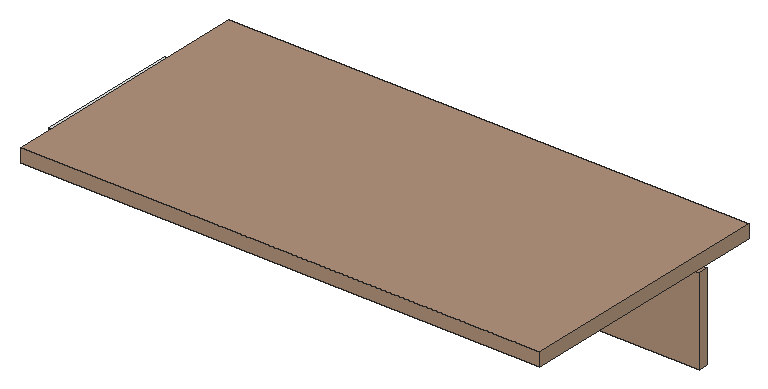
Revit family "Workstations-Multi_Level-Teknion-B_MBL_Overlapping_Bridge_Low_Secondary_Desk-R2019", category Furniture, Revit 2019
Family settings
  OmniClass Number = 23.40.20.00
  OmniClass Title = General Furniture and Specialties
  Work Plane-Based = No
  Always vertical = Yes
  Cut with Voids When Loaded = No
  Shared = Yes
  Room Calculation Point = No
Parameters (values of type "1-9/16" Thick WS, 30" Depth")
  Worksurface Thickness = 1.555"
  Worksurface Finish [instance] = Source Laminate - Teknion - 3M - Provincial Oak (Cross Grain)
  Width [instance] = 60.000"
  Warranty = "http://www.teknion.com/ca/papers/legal-canada"
  Unit Weight URL = "http://www.teknion.com/ca/tools/assets#&asset=bee6a381-b954-425e-8283-5a2de3a804f2,f828d448-4b62-4231-9e5f-9a8991c0ed77"
  URL = "www.teknion.com"
  To render please download texture images found here [instance] = "https://assets.teknion.com/web/5e81352c1dfdb467/revit-material-swatches/"
  Sustainability Data = "https://www.teknion.com/ca/tools/assets#&topic=216f99a5-57a0-44fc-b10a-9dee9b29ae4c&asset=444deb64-fe58-4b68-981e-f75e97781df7,b4ff2d81-9f2e-437d-9659-7cffb09c31cf"
  Series = "Expansion Casegoods"  # constant formula
  Product Page URL = "https://www.teknion.com/ca/products/product-details?productLineId=0053336e-8e7a-673b-a6c8-ff00004460c4"
  Product Line = "Expansion Casegoods"  # constant formula
  Product Documentation Link = "https://www.teknion.com/pricing/expansion-casegoods/pdfs/B_MBL_ppg.pdf"
  Part Number = "B_MBL"  # constant formula
  No Grommet Option [instance] = not(or([End of Worksurface - Rectangular Grommet], Centered Rectangular Grommet))  # yes
  Modesty Panel Finish [instance] = Source Laminate - Teknion - 3M - Provincial Oak (Cross Grain)
  Model = "BXMBL30___"
  Manufacturer Phone = "416-661-3370"  # constant formula
  Manufacturer Fax = "416.661.4586"  # constant formula
  Manufacturer Contact Information = "http://www.teknion.com/ca/contactus"
  Manufacturer Address = "1150 Flint Road, Toronto, ON. M3J 2J5. Canada"  # constant formula
  Manufacturer = "Teknion"  # constant formula
  How To Use Teknion Materials User Guide [instance] = "https://assets.teknion.com/m/205dd0a49fa58060/original/How-to-add-a-Material-Library-and-Texture-Images-to-your-Revit-project.pdf"
  Hardware Finish [instance] = Paint - Teknion - Foundation - Crisp Grey
  Grommet Option Note [instance] = "Please choose one of the following options below."  # constant formula
  Grommet Finish [instance] = Paint - Teknion - Mica - Anthracite
  For Additional Finishes please visit [instance] = "https://assets.teknion.com/m/44a8009b046e5d47/original/Teknion_Materials_Library.zip"
  End of Worksurface - Rectangular Grommet [instance] = no
  Description = "Overlapping Bridge – Low Secondary Desk, 1-9/16\" Worksurface Thickness, 30\" Depth"
  Depth = 30.000"
  Centered Rectangular Grommet [instance] = no
  Available Widths [instance] = "60, 66, 72, 78, or 84 inches."  # constant formula
  Assembly Code = "E2020200"
Types (7): name | Worksurface Thickness | Model | Description | Depth
  (no name) | 1.555" | "BXMBL30___" | "Overlapping Bridge – Low Secondary Desk, 1-9/16\" Worksurface Thickness, 30\" Depth" | 30.000"
  1" Thick WS, 24" Depth | 1.01575" | "BDMBL24___" | "Overlapping Bridge – Low Secondary Desk, 1\" Worksurface Thickness, 24\" Depth" | 24.000"
  1" Thick WS, 30" Depth | 1.01575" | "BDMBL30___" | "Overlapping Bridge – Low Secondary Desk, 1\" Worksurface Thickness, 30\" Depth" | 30.000"
  1-3/16" Thick WS, 24" Depth | 1.189" | "BMMBL24___" | "Overlapping Bridge – Low Secondary Desk, 1-3/16\" Worksurface Thickness, 24\" Depth" | 24.000"
  1-3/16" Thick WS, 30" Depth | 1.189" | "BMMBL30___" | "Overlapping Bridge – Low Secondary Desk, 1-3/16\" Worksurface Thickness, 30\" Depth" | 30.000"
  1-9/16" Thick WS, 30" Depth | 1.555" | "BXMBL30___" | "Overlapping Bridge – Low Secondary Desk, 1-9/16\" Worksurface Thickness, 30\" Depth" | 30.000"
  1-9/16" Thick WS, 24" Depth | 1.555" | "BXMBL24___" | "Overlapping Bridge – Low Secondary Desk, 1-9/16\" Worksurface Thickness, 24\" Depth" | 24.000"
Reference planes (in)
  plane 1 "Center Front/Back": y = -4.49121
  plane 2: z = 0
  plane 3 "Center Left/Right": x = -15.49572
  plane 4 "Left": x = -45.49572
  plane 5 "Right": x = 14.50428
  plane 6 "Back": y = 10.50879
  plane 7 "Front": y = -19.49121
  plane 8 "Top": z = 29.36209
  plane 9: z = 27.80709
  plane 10: z = 17.4252
Forms (in)
  Sweep 1, solid, material "Source Laminate - Teknion - 3M - Provincial Oak (Cross Grain)" <- "Worksurface Finish"
    path origin (0, -4.49121, 0) x (1, 0, 0) y (0, 0, 1)
      loop
        line (-15.49572, 29.36209) -> (-15.49572, 27.80709)
    profile origin (-15.49572, -4.49121, 28.58459) x (0, -1, 0) y (1, 0, 0)
      loop
        line (-15, -30) -> (15, -30) -> (15, 30) -> (-15, 30) -> (-15, -30)
  Sweep 2, solid, material "Paint - Teknion - Foundation - Crisp Grey" <- "Hardware Finish"
    path origin (0, -4.49121, 0) x (1, 0, 0) y (0, 0, 1)
      loop
        line (-45.49572, 27.61909) -> (-45.49572, 27.80709)
    profile origin (-45.49572, -4.49121, 27.71309) x (-1, 0, 0) y (0, -1, 0)
      loop
        line (2, -8.375) -> (2, 8.375) -> (-2, 8.375) -> (-2, -8.375) -> (2, -8.375)
  Sweep 3, solid, material "Source Laminate - Teknion - 3M - Provincial Oak (Cross Grain)" <- "Modesty Panel Finish"
    path origin (0, 0, 0) x (1, 0, 0) y (0, 1, 0)
      loop
        line (-15.49572, 4.50879) -> (-15.49572, 3.49304)
    profile origin (-15.49572, 4.00092, 0) x (1, 0, 0) y (0, 0, 1)
      loop
        line (30, 27.43209) -> (-30, 27.43209) -> (-30, 17.4252) -> (30, 17.4252) -> (30, 27.43209)
  Sweep 4, solid, material "Paint - Teknion - Mica - Anthracite" <- "Grommet Finish", visible <- "End of Worksurface - Rectangular Grommet"
    path origin (0, -4.49121, 0) x (1, 0, 0) y (0, 0, 1)
      loop
        line (8.58677, 29.36209) -> (8.58677, 29.51957)
    profile origin (8.58677, -4.49121, 29.44083) x (-1, 0, 0) y (0, -1, 0)
      loop
        line (-1.44978, -0.47893) -> (-0.24042, -0.47893) -> (-0.24042, 1.79967) -> (0.18493, 1.79967) -> (0.18493, -0.47893) -> (1.39428, -0.47893) -> (1.39428, 3.32716) -> (-1.44978, 3.32716) -> (-1.44978, -0.47893)
  Sweep 5, solid, material "Paint - Teknion - Mica - Anthracite" <- "Grommet Finish", visible <- "End of Worksurface - Rectangular Grommet"
    path origin (0, -4.49121, 0) x (1, 0, 0) y (0, 0, 1)
      loop
        line (8.61452, 29.36209) -> (8.61452, 29.51957)
    profile origin (8.61452, -4.49121, 29.44083) x (-1, 0, 0) y (0, -1, 0)
      loop
        line (1.42203, -0.47993) -> (-1.42203, -0.47993) -> (-1.42203, -3.32716) -> (1.42203, -3.32716) -> (1.42203, -0.47993)
  Sweep 6, solid, material "Paint - Teknion - Mica - Anthracite" <- "Grommet Finish", visible <- "Centered Rectangular Grommet"
    path origin (0, -4.49121, 0) x (1, 0, 0) y (0, 0, 1)
      loop
        line (-15.49572, 29.36209) -> (-15.49572, 29.51957)
    profile origin (-15.49572, -4.49121, 29.44083) x (-1, 0, 0) y (0, -1, 0)
      loop
        line (-0.47893, -10.43505) -> (-0.47893, -11.64441) -> (1.79967, -11.64441) -> (1.79967, -12.06976) -> (-0.47893, -12.06976) -> (-0.47893, -13.27912) -> (3.32716, -13.27912) -> (3.32716, -10.43505) -> (-0.47893, -10.43505)
  Sweep 7, solid, material "Paint - Teknion - Mica - Anthracite" <- "Grommet Finish", visible <- "Centered Rectangular Grommet"
    path origin (0, -4.49121, 0) x (1, 0, 0) y (0, 0, 1)
      loop
        line (-13.90122, 29.36209) -> (-13.90122, 29.51957)
    profile origin (-13.90122, -4.49121, 29.44083) x (-1, 0, 0) y (0, -1, 0)
      loop
        line (1.11458, -13.27912) -> (1.11458, -10.43505) -> (-1.73265, -10.43505) -> (-1.73265, -13.27912) -> (1.11458, -13.27912)
  Sweep 8, solid, material "Paint - Teknion - Mica - Anthracite" <- "Grommet Finish", visible <- "Centered Rectangular Grommet"
    path origin (0, 0, 0) x (1, 0, 0) y (0, 1, 0)
      loop
        line (-15.49572, 4.50879) -> (-15.49572, 4.66627)
    profile origin (-15.49572, 4.58753, 0) x (-1, 0, 0) y (0, 0, 1)
      loop
        line (1.79967, 25.98728) -> (1.79967, 25.56193) -> (-0.47893, 25.56193) -> (-0.47893, 24.35257) -> (3.32716, 24.35257) -> (3.32716, 27.19664) -> (-0.47893, 27.19664) -> (-0.47893, 25.98728) -> (1.79967, 25.98728)
  Sweep 9, solid, material "Paint - Teknion - Mica - Anthracite" <- "Grommet Finish", visible <- "Centered Rectangular Grommet"
    path origin (0, 0, 0) x (1, 0, 0) y (0, 1, 0)
      loop
        line (-13.62724, 4.50879) -> (-13.62724, 4.66627)
    profile origin (-13.62724, 4.58753, 0) x (-1, 0, 0) y (0, 0, 1)
      loop
        line (1.38855, 24.35257) -> (1.38855, 27.19664) -> (-1.45868, 27.19664) -> (-1.45868, 24.35257) -> (1.38855, 24.35257)
Lines and regions (in)
  Masking region 1
    outline origin (0, 0, 0) x (1, 0, 0) y (0, 1, 0)
      loop
        line (-45.49572, 10.50879) -> (-45.49572, -19.49121) -> (14.50428, -19.49121) -> (14.50428, 10.50879) -> (-45.49572, 10.50879)
  symbolic lines, visible <- "Centered Rectangular Grommet"
    curve 1: line (-15.01579, 8.78791, 0) -> (-18.82288, 8.78791, 0)
    curve 2: line (-18.82288, 8.78791, 0) -> (-18.82288, 5.94385, 0)
    curve 3: line (-18.82288, 5.94385, 0) -> (-15.01579, 5.94385, 0)
    curve 4: line (-17.29539, 7.57855, 0) -> (-15.01579, 7.57855, 0)
    curve 5: line (-17.29539, 7.1532, 0) -> (-17.29539, 7.57855, 0)
    curve 6: line (-15.01579, 7.1532, 0) -> (-17.29539, 7.1532, 0)
    curve 7: line (-15.01579, 8.78791, 0) -> (-15.01579, 5.94385, 0)
    curve 8: line (-12.16856, 8.78791, 0) -> (-15.01579, 8.78791, 0)
    curve 9: line (-12.16856, 5.94385, 0) -> (-12.16856, 8.78791, 0)
    curve 10: line (-15.01579, 5.94385, 0) -> (-12.16856, 5.94385, 0)
  symbolic lines, visible <- "End of Worksurface - Rectangular Grommet"
    curve 11: line (10.03655, -4.01128, 0) -> (10.03655, -1.16405, 0)
    curve 12: line (10.03655, -1.16405, 0) -> (7.19248, -1.16405, 0)
    curve 13: line (7.19248, -1.16405, 0) -> (7.19248, -4.01128, 0)
    curve 14: line (7.19248, -4.01128, 0) -> (10.03655, -4.01128, 0)
    curve 15: line (8.40184, -6.29088, 0) -> (8.40184, -4.01228, 0)
    curve 16: line (8.82719, -6.29088, 0) -> (8.40184, -6.29088, 0)
    curve 17: line (8.82719, -4.01228, 0) -> (8.82719, -6.29088, 0)
    curve 18: line (10.03655, -7.81837, 0) -> (10.03655, -4.01128, 0)
    curve 19: line (7.19248, -7.81837, 0) -> (10.03655, -7.81837, 0)
    curve 20: line (7.19248, -4.01128, 0) -> (7.19248, -7.81837, 0)
  symbolic lines, style "FurnitureHiddenLines", detail levels medium+fine
    curve 21: line (-47.49572, 3.88379, 0) -> (-47.49572, -12.86621, 0)
    curve 22: line (-43.49572, 3.88379, 0) -> (-47.49572, 3.88379, 0)
    curve 23: line (-43.49572, -12.86621, 0) -> (-43.49572, 3.88379, 0)
    curve 24: line (-47.49572, -12.86621, 0) -> (-43.49572, -12.86621, 0)
    curve 25: line (-45.49572, 4.50879, 0) -> (14.50428, 4.50879, 0)
    curve 26: line (-45.49572, 3.49304, 0) -> (14.50428, 3.49304, 0)
  symbolic lines, style "FurnitureHiddenLines", visible <- "Centered Rectangular Grommet", detail levels fine
    curve 27: line (-18.82288, 4.66627, 0) -> (-18.82288, 4.50879, 0)
    curve 28: line (-15.01579, 4.66627, 0) -> (-18.82288, 4.66627, 0)
    curve 29: line (-15.01579, 4.66627, 0) -> (-15.01579, 4.50879, 0)
    curve 30: line (-12.16856, 4.66627, 0) -> (-15.01579, 4.66627, 0)
    curve 31: line (-12.16856, 4.50879, 0) -> (-12.16856, 4.66627, 0)
  reference lines
    curve 32: line (-45.49572, 10.50879, 0) -> (-45.49572, -19.49121, 0)
    curve 33: line (14.50428, 10.50879, 0) -> (14.50428, -19.49121, 0)
Dimensions and locks (in)
  "Width": plane 4 "Left" to plane 5 "Right"
  "Depth": plane 6 "Back" to plane 7 "Front"
  locked: plane 9 to level at 27.80709
  equal spacing: plane 6 "Back", plane 1 "Center Front/Back", plane 7 "Front"
  equal spacing: plane 4 "Left", plane 3 "Center Left/Right", plane 5 "Right"
  "Worksurface Thickness": plane 8 "Top" to plane 9
  locked: plane 10 to level at 17.4252
  locked: plane 9 to Sweep 2 sketch curve at 0.18799
  Sweep 2 sketch curve to plane 4 "Left" to Sweep 2 sketch curve = 2.000" locked, 2.000" locked
  Sweep 2 sketch curve to plane 1 "Center Front/Back" to Sweep 2 sketch curve = 8.375" locked, 8.375" locked
  plane 6 "Back" to Sweep 3 sketch curve to Sweep 3 sketch curve = 6.000" locked, 1.01575" locked
  locked: plane 9 to Sweep 3 sketch curve at 0.375
  locked: Sweep 4 sketch curve to plane 8 "Top" at 0.15748
  Sweep 4 sketch curve to Sweep 4 sketch curve to plane 1 "Center Front/Back" to Sweep 4 sketch curve to Sweep 4 sketch curve = 1.52748" locked, 1.79967" locked, 0.47893" locked, 0.000" locked
  Sweep 4 sketch curve to Sweep 4 sketch curve to Sweep 4 sketch curve to Sweep 4 sketch curve to plane 5 "Right" = 1.20936" locked, 0.42535" locked, 1.20936" locked, 4.46773" locked
  locked: Sweep 5 sketch curve to plane 8 "Top" at 0.15748
  plane 1 "Center Front/Back" to Sweep 5 sketch curve to Sweep 5 sketch curve = 0.47993" locked, 2.84723" locked
  Sweep 5 sketch curve to Sweep 5 sketch curve to plane 5 "Right" = 2.84406" locked, 4.46773" locked
  locked: Sweep 6 sketch curve to plane 8 "Top" at 0.15748
  plane 6 "Back" to Sweep 6 sketch curve to Sweep 6 sketch curve to Sweep 6 sketch curve to Sweep 6 sketch curve = 1.72088" locked, 1.20936" locked, 0.42535" locked, 1.20936" locked
  Sweep 6 sketch curve to Sweep 6 sketch curve to plane 3 "Center Left/Right" to Sweep 6 sketch curve to Sweep 6 sketch curve = 1.52748" locked, 1.79967" locked, 0.47893" locked, 0.000" locked
  locked: Sweep 7 sketch curve to plane 8 "Top" at 0.15748
  plane 3 "Center Left/Right" to Sweep 7 sketch curve to Sweep 7 sketch curve = 0.47993" locked, 2.84723" locked
  plane 6 "Back" to Sweep 7 sketch curve to Sweep 7 sketch curve = 1.72088" locked, 2.84406" locked
  plane 6 "Back" to Sweep 8 sketch curve to Sweep 8 sketch curve = 5.84252" locked, 0.15748" locked
  Sweep 8 sketch curve to Sweep 8 sketch curve to plane 3 "Center Left/Right" to Sweep 8 sketch curve to Sweep 8 sketch curve = 0.000" locked, 0.47893" locked, 1.79967" locked, 1.52748" locked
  plane 9 to Sweep 8 sketch curve to Sweep 8 sketch curve to Sweep 8 sketch curve to Sweep 8 sketch curve = 0.61045" locked, 1.20936" locked, 0.42535" locked, 1.20936" locked
  plane 6 "Back" to Sweep 9 sketch curve to Sweep 9 sketch curve = 5.84252" locked, 0.15748" locked
  Sweep 9 sketch curve to Sweep 9 sketch curve to plane 3 "Center Left/Right" = 2.84723" locked, 0.47993" locked
  plane 9 to Sweep 9 sketch curve to Sweep 9 sketch curve = 0.61045" locked, 2.84406" locked
  aligned and locked: level to plane 2
  aligned and locked: plane 8 "Top" to Sweep 1 sketch curve
  aligned and locked: plane 9 to Sweep 1 sketch curve
  aligned and locked: Sweep 1 sketch curve to plane 4 "Left"
  aligned and locked: plane 6 "Back" to Sweep 1 sketch curve
  aligned and locked: Sweep 1 sketch curve to plane 7 "Front"
  aligned and locked: Sweep 1 sketch curve to plane 5 "Right"
  aligned and locked: plane 9 to Sweep 2 sketch curve
  aligned and locked: Sweep 3 sketch curve to plane 10
  aligned and locked: Sweep 3 sketch curve to plane 4 "Left"
  aligned and locked: plane 5 "Right" to Sweep 3 sketch curve
  aligned and locked: plane 8 "Top" to Sweep 4 sketch curve
  aligned and locked: plane 8 "Top" to Sweep 5 sketch curve
  aligned and locked: plane 8 "Top" to Sweep 6 sketch curve
  aligned and locked: plane 8 "Top" to Sweep 7 sketch curve
  aligned and locked: Masking region 1 sketch curve to plane 4 "Left"
  aligned and locked: Masking region 1 sketch curve to plane 5 "Right"
  aligned and locked: Masking region 1 sketch curve to plane 7 "Front"
  aligned and locked: Masking region 1 sketch curve to plane 6 "Back"
  aligned and locked: curve 1 to Sweep 6
  aligned and locked: curve 2 to Sweep 6
  aligned and locked: curve 3 to Sweep 6
  aligned and locked: curve 4 to Sweep 6
  aligned and locked: curve 5 to Sweep 6
  aligned and locked: curve 6 to Sweep 6
  aligned and locked: curve 7 to Sweep 7
  aligned and locked: curve 8 to Sweep 7
  aligned and locked: curve 9 to Sweep 7
  aligned and locked: curve 10 to Sweep 7
  aligned and locked: curve 11 to Sweep 5
  aligned and locked: curve 12 to Sweep 5
  aligned and locked: curve 13 to Sweep 5
  aligned and locked: curve 14 to Sweep 5
  aligned and locked: curve 15 to Sweep 4
  aligned and locked: curve 16 to Sweep 4
  aligned and locked: curve 17 to Sweep 4
  aligned and locked: curve 18 to Sweep 4
  aligned and locked: curve 19 to Sweep 4
  aligned and locked: curve 20 to Sweep 4
  aligned and locked: curve 21 to Sweep 2
  aligned and locked: curve 22 to Sweep 2
  aligned and locked: curve 23 to Sweep 2
  aligned and locked: curve 24 to Sweep 2
  aligned and locked: curve 25 to Sweep 3
  aligned and locked: curve 26 to Sweep 3
  aligned and locked: curve 27 to Sweep 8
  aligned and locked: curve 28 to Sweep 8
  aligned and locked: curve 29 to Sweep 9
  aligned and locked: curve 30 to Sweep 9
  aligned and locked: curve 31 to Sweep 9
  aligned and locked: curve 32 to plane 4 "Left"
  aligned and locked: curve 33 to plane 5 "Right"
  aligned and locked: plane 6 "Back" to curve 32
  aligned and locked: curve 32 to plane 7 "Front"
  aligned and locked: plane 7 "Front" to curve 33
  aligned and locked: plane 6 "Back" to curve 33
Automatic sketch dimensions
  Sweep 1 sketch curve to plane 3 "Center Left/Right" = 0.000"
  Sweep 2 sketch curve to plane 4 "Left" = 0.000"
  Sweep 3 sketch curve to plane 3 "Center Left/Right" = 0.000"
  plane 5 "Right" to Sweep 4 sketch curve = 5.91751"
  plane 5 "Right" to Sweep 5 sketch curve = 5.88976"
  Sweep 6 sketch curve to plane 3 "Center Left/Right" = 0.000"
  plane 3 "Center Left/Right" to Sweep 7 sketch curve = 1.5945"
  Sweep 8 sketch curve to plane 3 "Center Left/Right" = 0.000"
  plane 3 "Center Left/Right" to Sweep 9 sketch curve = 1.86848"
  curve 15 to plane 1 "Center Front/Back" = 0.47893"
  curve 15 to curve 17 = 0.000"
  curve 25 to plane 4 "Left" = 0.000"
  curve 25 to plane 5 "Right" = 0.000"
  curve 26 to plane 4 "Left" = 0.000"
  curve 26 to plane 5 "Right" = 0.000"
